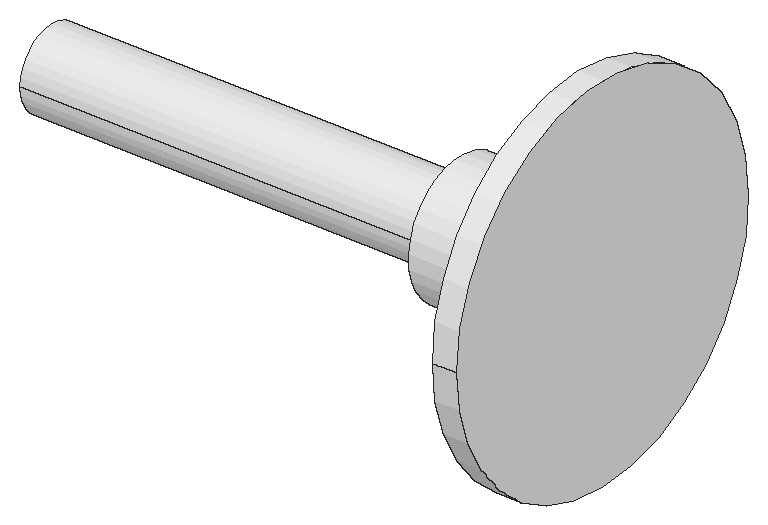
Revit family "E20", category Generic Models, Revit 2017
Family settings
  Can host rebar = No
  Round Connector Dimension = Use Diameter
  Part Type = Normal
  Work Plane-Based = No
  Always vertical = Yes
  Cut with Voids When Loaded = No
  Shared = No
  Room Calculation Point = No
Parameters
  E20 = Aluminum
Reference planes (in)
  plane 1 "Center (Front/Back)": y = 0
  plane 2: z = 0
  plane 3 "Center (Left/Right)": x = 0
Forms (in)
  Extrusion 1, solid, material "Aluminum" <- "E20"
    sketch origin (7.47615, 0, 0.35915) x (0, 1, 0) y (0, 0, 1)
      loop
        circle (0, 14.39079) r 2.3125
    from -0.78891 to -0.47641
  Extrusion 2, solid, material "Aluminum" <- "E20"
    sketch origin (7.47615, 0, 0.35915) x (0, 1, 0) y (0, 0, 1)
      loop
        circle (0, 14.39079) r 1.9734
    from -0.85141 to -0.78891
  Extrusion 3, solid, material "Aluminum" <- "E20"
    sketch origin (7.47615, 0, 0.35915) x (0, 1, 0) y (0, 0, 1)
      loop
        circle (0, 14.39079) r 0.5
      loop
        line (-0.33, 13.64559) -> (-0.33, 13.39079) -> (0.33, 13.39079) -> (0.33, 13.64559)
        arc (0.33, 13.64559) -> (0, 15.20579) -> (-0.33, 13.64559) r 0.815
    from -2.28891 to -0.85141
  Extrusion 4, solid, material "Aluminum" <- "E20"
    sketch origin (0, -2.87871, 0.39331) x (0, 1, 0) y (0, 0, 1)
      loop
        circle (2.87871, 14.35663) r 0.5
      loop
        circle (2.87871, 14.35663) r 0.4375
    from 0 to 6.62474
Dimensions and locks (in)
  aligned and locked: plane 2 to level
